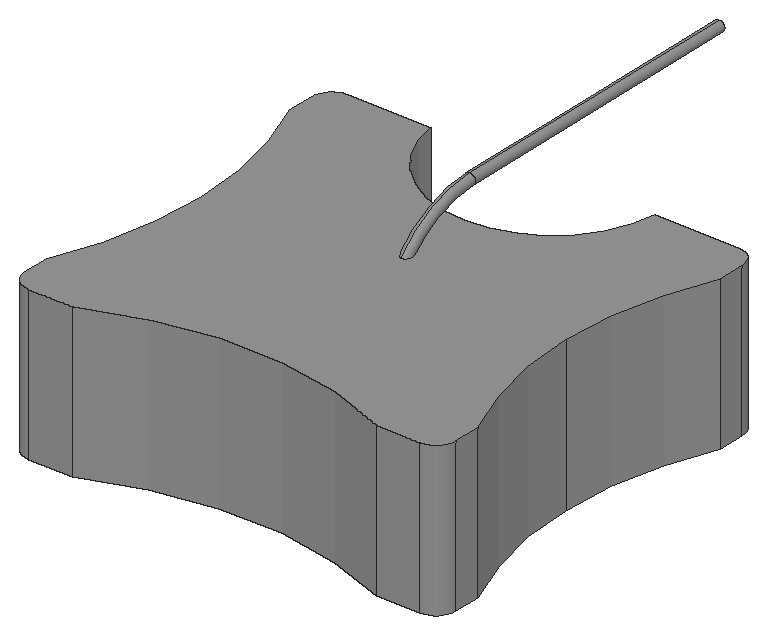
Revit family "Fiberbetonafstandsklods_med_rustfritråd45-55-60_p_i_1121316", category Generic Models, Revit 2019
Family settings
  Can host rebar = No
  Round Connector Dimension = Use Diameter
  Part Type = Normal
  Work Plane-Based = Yes
  Always vertical = No
  Cut with Voids When Loaded = No
  Shared = No
  Room Calculation Point = No
Parameters
  concrete = GFRC
  Width = 65 mm
  Website Link = "https://haucon.dk/produkt/fiberbetonafstandsklods/#variations"
  Top Curve R = 17 mm
  Top Curve = 2 mm
  Thickness = 23 mm
  Test Report Sheet = "https://haucon.dk/wp-content/uploads/2016/04/1121005-FIBERBETONAFSTANDSKLODS-TEST-ENG-1.pdf"
  Technical Data Sheet = "https://haucon.dk/wp-content/uploads/2016/04/1121005-Fiberbetonafstandsklods-TDS-ENG.pdf"
  Side Curve R = 55 mm
  Side Curve = 50 mm
  Metal = Stainless Steel AISI 304
  Height = 60 mm
  Default Elevation = 1219.2 mm
  Bottom Curve = 50 mm
Reference planes
  plane 1 "Center (Front/Back)": y = 0
  plane 2: z = 0
  plane 3 "Center (Left/Right)": x = 0
  plane 4: y = 60
  plane 5: x = 32.5
  plane 6: x = -32.5
  plane 7: x = 82.5
  plane 8: x = -82.5
  plane 9: y = 62
  plane 10: y = 30
  plane 11: y = -50
  plane 12: z = 23
  plane 13: z = 11.5
Forms (mm)
  Extrusion 1, solid, material "Concrete, Cast in Situ, Lightweight"
    sketch origin (0, 0, 0) x (1, 0, 0) y (0, 1, 0)
      loop
        arc (-32.5, 3) -> (-31.621, 0.879) -> (-29.5, 0) r 3
        line (-29.5, 0) -> (29.463, 0)
        arc (29.463, 0) -> (31.611, 0.889) -> (32.5, 3.037) r 3.037
        line (32.5, 3.037) -> (32.5, 56.972)
        arc (32.5, 56.972) -> (31.613, 59.113) -> (29.472, 60) r 3.028
        line (29.472, 60) -> (-29.512, 60)
        arc (-29.512, 60) -> (-31.625, 59.125) -> (-32.5, 57.012) r 2.988
        line (-32.5, 57.012) -> (-32.5, 3)
    from 0 to 23
  Extrusion 2, void
    sketch origin (0, 0, 0) x (1, 0, 0) y (0, 1, 0)
      loop
        circle (82.5, 30) r 55
    from 0 to 25
  Extrusion 3, void
    sketch origin (0, 0, 0) x (1, 0, 0) y (0, 1, 0)
      loop
        circle (-82.5, 30) r 55
    from 0 to 25
  Extrusion 4, void
    sketch origin (0, 0, 0) x (1, 0, 0) y (0, 1, 0)
      loop
        circle (0, -50) r 55
    from 0 to 25
  Extrusion 5, void
    sketch origin (0, 0, 0) x (1, 0, 0) y (0, 1, 0)
      loop
        circle (0, 62) r 17
    from 0 to 25
  Sweep 6, solid, material "Aluminum"
    path origin (0, 0, 0) x (0, 1, 0) y (0, 0, 1)
      loop
        line (93.25, 28) -> (46.25, 28)
        arc (46.25, 28) -> (29.75, 11.5) -> (46.25, -5) r 16.5
        line (46.25, -5) -> (93.25, -5)
    profile origin (0, 69.75, 28) x (0, 0, -1) y (1, 0, 0)
      loop
        circle (0, 0) r 0.796
Cuts and joins
  Extrusion 2, Extrusion 3, Extrusion 4, Extrusion 5 cuts Extrusion 1
Dimensions and locks
  equal spacing: plane 6, plane 3 "Center (Left/Right)", plane 5
  "Width": plane 6 to plane 5
  "Height": plane 1 "Center (Front/Back)" to plane 4
  "Side Curve": plane 8 to plane 6
  "Side Curve": plane 5 to plane 7
  "Top Curve": plane 9 to plane 4
  equal spacing: plane 4, plane 10, plane 1 "Center (Front/Back)"
  "Bottom Curve": plane 11 to plane 1 "Center (Front/Back)"
  equal spacing: plane 12, plane 13, level
  "Thickness": plane 12 to level
  "Side Curve R": radius of Extrusion 2 sketch curve
  "Side Curve R": radius of Extrusion 3 sketch curve
  "Side Curve R": radius of Extrusion 4 sketch curve
  "Top Curve R": radius of Extrusion 5 sketch curve
  aligned and locked: level to plane 2
  aligned and locked: Extrusion 1 sketch curve to plane 4
  aligned and locked: plane 6 to Extrusion 1 sketch curve
  aligned and locked: Extrusion 1 sketch curve to plane 5
  aligned and locked: Extrusion 1 sketch curve to plane 1 "Center (Front/Back)"
  aligned and locked: plane 10 to Extrusion 2 sketch curve
  aligned and locked: plane 7 to Extrusion 2 sketch curve
  aligned and locked: plane 8 to Extrusion 3 sketch curve
  aligned and locked: plane 10 to Extrusion 3 sketch curve
  aligned and locked: plane 11 to Extrusion 4 sketch curve
  aligned and locked: plane 3 "Center (Left/Right)" to Extrusion 4 sketch curve
  aligned and locked: plane 9 to Extrusion 5 sketch curve
  aligned and locked: plane 3 "Center (Left/Right)" to Extrusion 5 sketch curve
  aligned and locked: plane 12 to cut or joined group of Extrusion 1, Extrusion 2, Extrusion 3, Extrusion 4, Extrusion 5
Automatic sketch dimensions
  Extrusion 1 sketch curve to plane 4 = 2.988 mm
  Extrusion 1 sketch curve to plane 1 "Center (Front/Back)" = 3 mm
  Extrusion 1 sketch curve to plane 5 = 3.037 mm
  Extrusion 1 sketch curve to plane 4 = 3.028 mm
  Sweep 6 sketch curve to plane 13 = 0 mm
  plane 12 to Sweep 6 sketch curve = 5 mm
  Sweep 6 sketch curve to plane 4 = 13.75 mm
  plane 9 to Sweep 6 sketch curve = 31.25 mm  (x2)
  Sweep 6 sketch curve to plane 3 "Center (Left/Right)" = 0 mm
  Sweep 6 sketch curve to profile plane = 0 mm
  radius of Sweep 6 sketch curve = 0.796 mm
